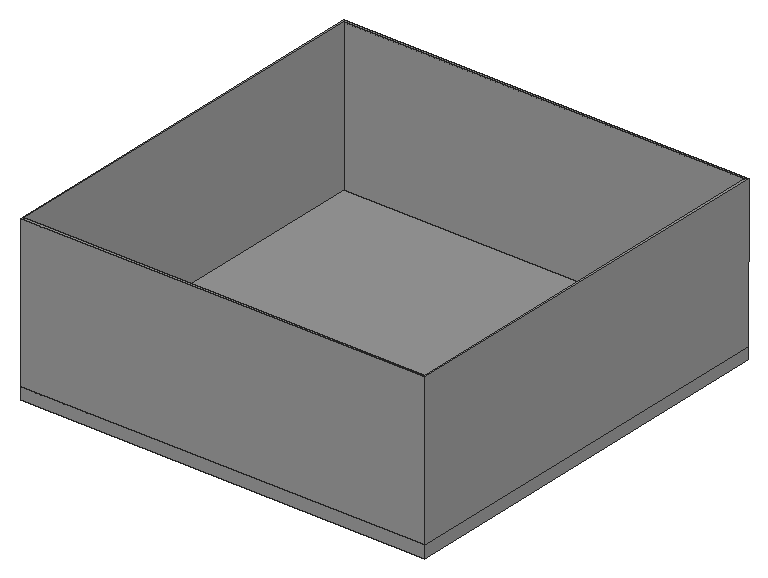
Revit family "DBLTD_TheSenatorGroup_OffcStrg_CrateDivide_Storage&Accessories", category Furniture, Revit 2018
Family settings
  Work Plane-Based = No
  Always vertical = Yes
  Cut with Voids When Loaded = No
  Shared = Yes
  Room Calculation Point = No
Parameters (values of type "Steel Planter Tray")
  WarrantyStartDate [instance] = "1900-12-31T23:59:59"
  WarrantyGuarantorParts = "n/a"
  WarrantyGuarantorLabor = "n/a"
  WarrantyDurationUnit = "Years"
  WarrantyDurationParts = "n/a"
  WarrantyDurationLabor = "n/a"
  WarrantyDescription = "Allermuir will repair, or replace (at Allermuir’s sole discretion) with comparable free of charge materials/ components, any product/ component which fails under normal use in a single shift environment, as a result of a defect in the materials and/or workmanship. Exceptions - Non-standard product - 2 years Screen-mounted Accessories/ Dry-wipe Boards - 2 years Electrical and/or electronic componentry - 2 years. Exclusions - Allermuir does not warrant: Failure due to normal “Wear and Tear”. Natural variations in appearance of wood - its grain, figure and colour. Changes in surface appearance resulting from exposure to light, and the natural ageing process of wood. Changes in surface appearance resulting from the misuse of cleaning materials and methods/ damage form sharp objects/ imprinting from writing implements. Natural variations in Leather - its marks, scars and wrinkles. Product stored/ exposed to extreme operational conditions. Consumable components such as Fuses/ Lights/ lamps/ transformers/etc. Other Manufacturer’s product supplied by Allermuir (their own warranty shall apply where possible). Non-standard fabrics/ finishes or veneers used. Allermuir only checks the manufacturing quality of Customer’s Own Material (COM) and provides no warrant"
  Version = "2"  # constant formula
  UnitMaterial [instance] = TheSenatorGroup_Plastic_Olive
  Uniclass2015Version = "Products v1.9"
  Uniclass2015Title = "Office storage units"
  Uniclass2015Code = "Pr_40_30_78_57"
  URL = "https://www.thesenatorgroup.com/"
  Type Comments = "Steel Planter Tray"
  TagNumber [instance] = "n/a"
  SustainabilityPerformance = "Contains up to 50.00% of Recycled Material"
  Style = "n/a"
  Size = "L 422mm x  W 422mm x  H 170mm"
  HasBox = no
  Shape = "Rectangular"
  SerialNumber [instance] = "n/a"
  Revision = "n/a"
  ReplacementCost = "n/a"
  ProductInformation = "https://www.thesenatorgroup.com/en/catalog/allermuir/tables-storage/crate-divide"
  OmniClassTitle = "Storage"
  OmniClassCode = "22-12 51 19"
  NominalWidth = 422 mm
  NominalLength = 422 mm
  NominalHeight = 170 mm
  NominalDepth = 422 mm
  Name = "OfficeStorage_CrateDivide_Storage&Accessories"
  NBSReference = "45-35-80/360"
  NBSDescription = "Office storage"
  NBSCertification = ""
  ModelReference = "Steel Planter Tray"
  ModelNumber = "CRTSPT"
  Model = "CRTSPT"
  Material = "Available in Ply or MFC. Steel Planter. Back Panel Available in Magnetic Dry Wipe or Fabric Camira Blazer, Synergy."
  ManufacturerURL = "https://www.thesenatorgroup.com/"
  ManufacturerName = "The Senator Group"
  Manufacturer = "The Senator Group"
  MainColor = "n/a"
  Keynote = "Pr_40_30_78_57"
  HasShelf = yes
  HasClosedBox = no
  HasLocker = no
  InstallationDate [instance] = "1900-12-31T23:59:59"
  IfcExportType = "STORAGE"  # constant formula
  IfcExportAs = "IfcFurnitureType"  # constant formula
  HasPlanter = yes
  Grade = "n/a"
  Finish = "Storage available in MFC Black, White and Strata Oak or Ply. Pinnable Back Panel Available in Camira Blazer or Synergy"
  Features = "A cube based modular storage system with a prime function to to act as a room divider. Create spaces using the modular design of Crate. Pre-built components can be connected together in-line or at right angles to create different zones within existing spaces."
  ExpectedLife = "n/a"
  DurationUnit = "year"
  Description = "Steel Planter Tray"
  Cost = 0
  Constituents = "Available in Ply or MFC. Back Panel Available in Magnetic Dry Wipe or Fabric Camira Blazer, Synergy."
  Color = "Defined by Finish Specifed"
  CodePerformance = "n/a"
  HasBoard = no
  Category = "Pr_40_30_78_57:Office storage units"
  CarcassMaterial [instance] = TheSenatorGroup_Plastic_Olive
  BarCode [instance] = "n/a"
  BIMObjectName = "TheSenatorGroup_OfficeStorage_CrateDivide_Storage&Accessories"
  Author = "Diane Butterworth Ltd"  # constant formula
  AssetType = "Movable"
  AssetIdentifier [instance] = "n/a"
  AccessibilityPerformance = "n/a"
Types (13, lengths in mm): name | UnitMaterial | Type Comments | Size | HasBox | NominalWidth | NominalLength | NominalHeight | NominalDepth | ModelReference | ModelNumber | Model | HasShelf | HasClosedBox | HasLocker | HasPlanter | Description | HasBoard | CarcassMaterial
  (no name) | TheSenatorGroup_Plastic_Olive | "Steel Planter Tray" | "L 422mm x  W 422mm x  H 170mm" | no | 422 | 422 | 170 | 422 | "Steel Planter Tray" | "CRTSPT" | "CRTSPT" | yes | no | no | yes | "Steel Planter Tray" | no | TheSenatorGroup_Plastic_Olive
  PlyShelf | TheSenatorGroup_Plywood,_ClearFinish | "Ply Shelf" | "L 422mm x  W 422mm x  H 12mm" | no | 422 | 422 | 12 | 422 | "Ply Shelf" | "CRTPS" | "CRTPS" | yes | no | no | no | "Ply Shelf" | no | TheSenatorGroup_Plywood,_ClearFinish
  Ply Open Box | TheSenatorGroup_Plywood,_ClearFinish | "Ply Open Box" | "L 422mm x  W 422mm x  H 451mm" | yes | 422 | 422 | 451 | 422 | "Ply Open Box" | "CRTPOB" | "CRTPOB" | yes | no | no | no | "Ply Open Box" | no | TheSenatorGroup_Plywood,_ClearFinish
  MFC Shelf | TheSenatorGroup_Wood_StrataOak | "MFC Shelf" | "L 422mm x  W 422mm x  H 12mm" | yes | 422 | 422 | 12 | 422 | "MFC Shelf" | "CRTMS" | "CRTMS" | yes | no | no | no | "MFC Shelf" | no | TheSenatorGroup_Wood_StrataOak
  MFC Open Box | TheSenatorGroup_Wood_StrataOak | "MFC Open Box" | "L 422mm x  W 422mm x  H 451mm" | yes | 422 | 422 | 451 | 422 | "MFC Open Box" | "CRTMOB" | "CRTMOB" | yes | no | no | no | "MFC Open Box" | no | TheSenatorGroup_Wood_StrataOak
  Ply Closed Box | TheSenatorGroup_Plywood,_ClearFinish | "Ply Closed Box" | "L 422mm x  W 422mm x  H 451mm" | yes | 422 | 422 | 451 | 422 | "Ply Closed Box" | "CRTPCB" | "CRTPCB" | yes | yes | no | no | "Ply Closed Box" | no | TheSenatorGroup_Plywood,_ClearFinish
  MFC Closed Box | TheSenatorGroup_Wood_StrataOak | "MFC Closed Box" | "L 422mm x  W 422mm x  H 451mm" | yes | 422 | 422 | 451 | 422 | "MFC Closed Box" | "CRTMCB" | "CRTMCB" | yes | yes | no | no | "MFC Closed Box" | no | TheSenatorGroup_Wood_StrataOak
  Ply Closed Box with Plastic Box | TheSenatorGroup_Plastic_Black | "Ply Closed Box with Plastic Box" | "L 422mm x  W 422mm x  H 451mm" | yes | 422 | 422 | 451 | 422 | "Ply Closed Box with Plastic Box" | "CRTPBPB" | "CRTPBPB" | yes | yes | no | no | "Ply Closed Box with Plastic Box" | no | TheSenatorGroup_Plywood,_ClearFinish
  Ply Locker | TheSenatorGroup_Plywood,_ClearFinish | "Ply Locker" | "L 440mm x  W 422mm x  H 451mm" | yes | 422 | 422 | 451 | 440 | "Ply Locker" | "CRTPLB" | "CRTPLB" | yes | yes | yes | no | "Ply Locker" | no | TheSenatorGroup_Plywood,_ClearFinish
  MFC Locker | TheSenatorGroup_Wood_StrataOak | "MFC Locker" | "L 440mm x  W 422mm x  H 451mm" | yes | 422 | 422 | 451 | 440 | "MFC Locker" | "CRTMLB" | "CRTMLB" | yes | yes | yes | no | "MFC Locker" | no | TheSenatorGroup_Wood_StrataOak
  Steel Planter Tray | TheSenatorGroup_Plastic_Olive | "Steel Planter Tray" | "L 422mm x  W 422mm x  H 170mm" | no | 422 | 422 | 170 | 422 | "Steel Planter Tray" | "CRTSPT" | "CRTSPT" | yes | no | no | yes | "Steel Planter Tray" | no | TheSenatorGroup_Plastic_Olive
  Magnetic Dry Wipe Back Panel | TheSenatorGroup_Metal_White | "Magnetic Dry Wipe Back Panel" | "L 900mm x  W 18mm x  H 900mm" | no | 900 | 900 | 900 | 18 | "Magnetic Dry Wipe Back Panel" | "CRTMP" | "CRTMP" | no | no | no | no | "Magnetic Dry Wipe Back Panel" | yes | TheSenatorGroup_Metal_White
  Pinnable Fabric Back Panel | TheSenatorGroup_Fabric_Orange | "Pinnable Fabric Back Panel" | "L 900mm x  W 18mm x  H 900mm" | no | 900 | 900 | 900 | 18 | "Pinnable Fabric Back Panel" | "CRTPFP" | "CRTPFP" | no | no | no | no | "Pinnable Fabric Back Panel" | yes | TheSenatorGroup_Fabric_Orange
Reference planes
  plane 1: z = 0
  plane 2 "Center (Left/Right)": x = 0
  plane 3: y = -229
  plane 4: z = 909.93
  plane 5: z = 0
  plane 6: x = -229.03
  plane 7: x = 229.03
  plane 8: x = -450
  plane 9: x = 450
  plane 10: y = -440
  plane 11: y = -18
Forms (mm)
  Extrusion 1, solid, material "TheSenatorGroup_Plastic_Olive" <- "UnitMaterial", visible <- "HasBoard"
    sketch origin (1153.06, 0, 471) x (1, 0, 0) y (0, 0, 1)
      loop
        arc (-1593.06, 877.6) -> (-1600.131, 874.671) -> (-1603.06, 867.6) r 10
        line (-1603.06, 867.6) -> (-1603.06, 41.5)
        arc (-1603.06, 41.5) -> (-1600.131, 34.429) -> (-1593.06, 31.5) r 10
        line (-1593.06, 31.5) -> (-713.06, 31.5)
        arc (-713.06, 31.5) -> (-705.989, 34.429) -> (-703.06, 41.5) r 10
        line (-703.06, 41.5) -> (-703.06, 867.6)
        arc (-703.06, 867.6) -> (-705.989, 874.671) -> (-713.06, 877.6) r 10
        line (-713.06, 877.6) -> (-1593.06, 877.6)
    from -18 to -0.12
  Extrusion 2, solid, material "TheSenatorGroup_Plastic_Olive" <- "UnitMaterial", visible <- "HasBox"
    sketch origin (221.03, 0, 2.05) x (1, 0, 0) y (0, 0, 1)
      loop
        line (-432, 1334.05) -> (-432, 907.88) -> (-10, 907.88) -> (-10, 1334.05) -> (-432, 1334.05)
      loop
        line (-422, 1324.05) -> (-422, 917.88) -> (-20, 917.88) -> (-20, 1324.05) -> (-422, 1324.05)
    from 18 to 422
  Extrusion 3, solid, material "TheSenatorGroup_Plastic_Olive" <- "UnitMaterial", visible <- "HasShelf"
    sketch origin (-2097.963, 0, 897.43) x (-1, 0, 0) y (0, -1, 0)
      loop
        line (-1886.993, 18) -> (-1886.993, 440) -> (-2308.993, 440) -> (-2308.993, 18) -> (-1886.993, 18)
    from 0 to 12.5
  Extrusion 4, solid, material "TheSenatorGroup_Plastic_Olive" <- "UnitMaterial", visible <- "HasBox"
    sketch origin (-2097.963, 0, 1336.1) x (-1, 0, 0) y (0, -1, 0)
      loop
        line (-1886.993, 18) -> (-1886.993, 440) -> (-2308.993, 440) -> (-2308.993, 18) -> (-1886.993, 18)
    from 0 to 12.5
  Extrusion 5, solid, material "TheSenatorGroup_Plastic_Olive" <- "CarcassMaterial", visible <- "HasClosedBox"
    sketch origin (221.03, 0, 0) x (1, 0, 0) y (0, 0, 1)
      loop
        line (-422, 1326.1) -> (-422, 919.93) -> (-20, 919.93) -> (-20, 1326.1) -> (-422, 1326.1)
    from 18 to 28
  Extrusion 6, solid, visible <- "HasLocker"
    sketch origin (0, 0, 0) x (1, 0, 0) y (0, 0, 1)
      loop
        line (-210.97, 1336.1) -> (-210.97, 909.93) -> (211.03, 909.93) -> (211.03, 1336.1) -> (-210.97, 1336.1)
    from 440 to 422
  Extrusion 7, solid, visible <- "HasLocker"
    sketch origin (0, 0, 0) x (1, 0, 0) y (0, 0, 1)
      loop
        circle (-154.96, 1122.43) r 12.5
    from 440 to 444.78
  Extrusion 8, solid, material "TheSenatorGroup_Plastic_Olive" <- "UnitMaterial", visible <- "HasPlanter"
    sketch origin (0, 0, 75) x (-1, 0, 0) y (0, -1, 0)
      loop
        line (210.97, 18) -> (210.97, 440) -> (-211.03, 440) -> (-211.03, 18) -> (210.97, 18)
      loop
        line (208.97, 20) -> (208.97, 438) -> (-209.03, 438) -> (-209.03, 20) -> (208.97, 20)
    from 834.93 to 991.93
Dimensions and locks
  aligned and locked: level to plane 1
